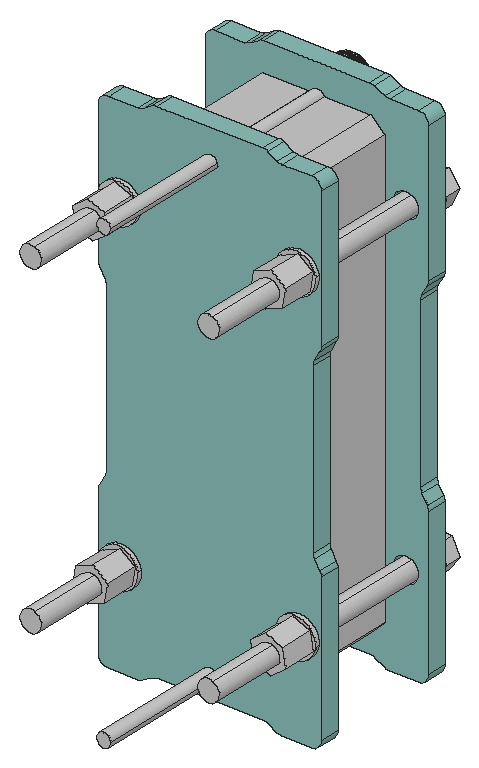
Revit family "Ekin_Endüstriyel - MIT503", category Specialty Equipment, Revit 2022 (continued)
Automatic sketch dimensions
  radius of Extrusion 30 sketch curve to Extrusion 25 = 0.00 mm  (x2)
  radius of Extrusion 31 sketch curve to Extrusion 25 = 0.00 mm  (x2)
Connectors
  piping at (-25, 49.15, 343.5), diameter 25.4
    settings: on Extrusion 31, index 1, connector inside diameter 609.6 mm, connector length 0.00 mm, flow factor 0, pipe flow 0.0 L/s, pressure drop 0 bar, fitting loss kfactor 0, connector angle 0.00°, fixture units 0, engagement length 0.00 mm, angle of deflection 0.00°, flow configuration 0, flow direction 2, fitting loss method 0, system type 7, joint type 0, gender type 0, connector reference index -1, connector utility 0, adjustable connector no, is connector primary yes, connector description ""
  piping at (25, 34.166, 343.5), diameter 25.4
    settings: on Extrusion 30, index 2, connector inside diameter 609.6 mm, connector length 0.00 mm, flow factor 0, pipe flow 0.0 L/s, pressure drop 0 bar, fitting loss kfactor 0, connector angle 0.00°, fixture units 0, engagement length 0.00 mm, angle of deflection 0.00°, flow configuration 0, flow direction 1, fitting loss method 0, system type 7, joint type 0, gender type 0, connector reference index -1, connector utility 0, adjustable connector no, is connector primary no, connector description ""
  piping at (25, 34.166, 45.5), diameter 25.4
    settings: on Extrusion 30, index 3, connector inside diameter 609.6 mm, connector length 0.00 mm, flow factor 0, pipe flow 0.0 L/s, pressure drop 0 bar, fitting loss kfactor 0, connector angle 0.00°, fixture units 0, engagement length 0.00 mm, angle of deflection 0.00°, flow configuration 0, flow direction 2, fitting loss method 0, system type 7, joint type 0, gender type 0, connector reference index -1, connector utility 0, adjustable connector no, is connector primary no, connector description ""
  piping at (-25, 49.15, 45.5), diameter 25.4
    settings: on Extrusion 31, index 4, connector inside diameter 609.6 mm, connector length 0.00 mm, flow factor 0, pipe flow 0.0 L/s, pressure drop 0 bar, fitting loss kfactor 0, connector angle 0.00°, fixture units 0, engagement length 0.00 mm, angle of deflection 0.00°, flow configuration 0, flow direction 1, fitting loss method 0, system type 7, joint type 0, gender type 0, connector reference index -1, connector utility 0, adjustable connector no, is connector primary no, connector description ""
